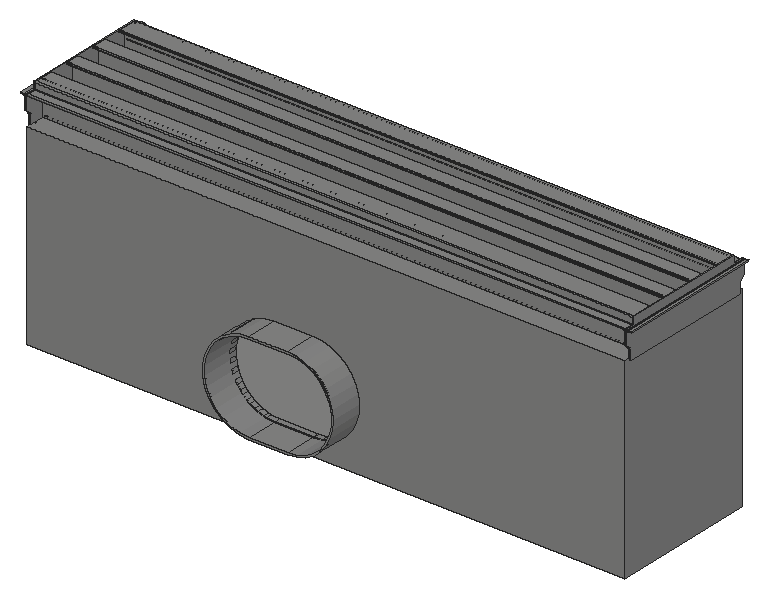
Revit family "Diffuser-Carnes-T_Bar_Mount-3-Slot-DHCB", category Duct Accessories, host Face, Revit 2014
Parameters (values of type "See Type Catalog")
  Supply Connector = yes
  Supply Connection = "Diffuser Supply Connector"  # constant formula
  Subcatagory = "Air Distribution"  # constant formula
  Specification Sheet = "http://www.carnes.com/AirDistribution/pdf/13102.pdf"
  Revit Object Download Link = "http://library.smartbim.com/download/Diffuser-Carnes-T_Bar_Mount-3-Slot-DHCB"
  Product Page URL = "http://www.carnes.com/AirDistribution/dhca.phtml"
  Length = 24"
  Inlet Nominal Size Width = 5"
  Inlet Nominal Size Height D = if(Inlet Nominal Size Width > 6", 5 1/4", 3 1/2")  # 3 1/2"
  Height = 9 1/16"  # constant formula
  Flow = 0 CFM
  Description = "Extruded Aluminum 3 Slot Diffuser 15/16In T-Bar Tegular Mount"  # constant formula
  Profile Depth = 5 47/64"
  URL = "http://www.carnes.com/"
  Model = "DHCB"  # constant formula
  Unit = Metal - Carnes - Steel Galvanized
  Manufacturer = "CARNES COMPANY"  # constant formula
  Depth = 2 3/4"
  Default Elevation = 0"
  D Depth = 5.75918"
  Catalog = "http://www.carnes.com/AirDistribution/pdf/a462-465.pdf"
  Box Length = Length - 1/2"  # 23 1/2"
  B Radius = Inlet Width + 3"  # 9 1/2"
  Inlet Width = 6 1/2"
  Assembly Code = ""
  Inlet Offset = 10 1/2"
  95 CSI = ""
  04 CSI = ""
Reference planes (in)
  plane 1 "Center (Front/Back)": y = 0
  plane 2: z = 0
  plane 3 "Center (Left/Right)": x = 0.94
  plane 4: z = -1.25
  plane 5: y = 2.86719
  plane 6: y = -2.86719
  plane 7: z = 1.44451
  plane 8: x = -11.06
  plane 9: x = 12.94
  plane 10: z = -8.05549
  plane 11: z = -9.0625
Forms (in)
  Extrusion 1, void
    sketch origin (0.94, 0, 0) x (0, 1, 0) y (0, 0, 1)
      loop
        line (-2.86719, 1.44451) -> (-2.86719, -8.05549) -> (2.85478, -8.05549) -> (2.89199, 1.44451) -> (-2.86719, 1.44451)
    from -12 to 12
Dimensions and locks (in)
  locked: plane 2 to plane 4 at 1.25
  equal spacing: plane 6, plane 1 "Center (Front/Back)", plane 5
  "Profile Depth": plane 6 to plane 5
  locked: plane 7 to host face at 1.44451
  equal spacing: plane 8, plane 3 "Center (Left/Right)", plane 9
  "Length": plane 8 to plane 9
  "D Depth": Extrusion 1 sketch curve to Extrusion 1 sketch curve
  plane 2 to plane 10 = 8.05549"
  "Height": plane 2 to plane 11
  equal spacing: host sketch curve, plane 1 "Center (Front/Back)", host sketch curve
  equal spacing: host sketch curve, plane 3 "Center (Left/Right)", host sketch curve
  aligned and locked: plane 2 to host face
  aligned and locked: level to host face
  aligned and locked: Extrusion 1 to plane 7
  aligned and locked: Extrusion 1 to plane 10
  aligned and locked: plane 9 to Extrusion 1
  aligned and locked: plane 8 to Extrusion 1
  aligned and locked: Extrusion 1 sketch curve to nested 1
  aligned and locked: plane 1 "Center (Front/Back)" to nested 2
  aligned and locked: plane 1 "Center (Front/Back)" to nested 1
  aligned and locked: nested 1 to plane 3 "Center (Left/Right)"
  aligned and locked: nested 2 to plane 3 "Center (Left/Right)"
Automatic sketch dimensions
  Extrusion 1 sketch curve to plane 10 = 0"
  plane 7 to Extrusion 1 sketch curve = 0"
  plane 5 to Extrusion 1 sketch curve = 0.0124"
Nested families (in)
  nested 1: "602-1101" at (1.88, 0, 0.04219) x (-1, 0, 0) z (0, 0, -1), type "Slot 3"
  nested 2: "CXPC" at (1.88, 0, 0.05188) x (-1, 0, 0) z (0, 0, -1), type "Parametric"
Connectors (in)
  hvac at (-0.31, -4.12959, -6.58911), driven by "Inlet Nominal Size Height D", driven by "Inlet Nominal Size Width", driven by "Supply Connector", driven by "Supply Connection"
    settings: on nested 2, index 1, duct flow 0 CFM, flow factor 0, pres drop 0.00 in-wg, loss coef 0, conn angle 0.00°, conn width 5", conn height 3 1/2", conn diameter 24", duct sys type 1, conn prof type 2, flow config 1, flow direction 1, loss method 0, conn ref index -1, conn util yes, is conn primary yes, conn desc "Diffuser Supply Connector"
Definition of nested family "602-1101"
  Parameters (values of type "Slot 3")
    Supply Connector = yes
    Supply Connection = ""
    Subcatagory = ""
    Specification Sheet = ""
    Product Page URL = ""
    Length = 24"
    URL = ""
    Model = "602-1091"  # constant formula
    Unit = Metal - Carnes - Steel Galvanized
    Manufacturer = ""
    Height = 1 57/128"  # constant formula
    Flow = 0 CFM
    Description = ""
    Depth = 5 47/64"  # constant formula
    Default Elevation = 0"
    Catalog = ""
    Assembly Code = ""
    95 CSI = ""
    04 CSI = ""
  Reference planes (in)
    plane 1 "Center (Front/Back)": y = 0
    plane 2: z = 0
    plane 3 "Center (Left/Right)": x = 0.94
    plane 4: z = -1.25
    plane 5: x = -11.06
    plane 6: x = 12.94
    plane 7: y = 2.86719
    plane 8: y = -2.86719
    plane 9: z = 1.44531
  Forms (in)
    Extrusion 1, solid
      sketch origin (0, 0, 0) x (1, 0, 0) y (0, 1, 0)
        loop
          line (-11.06, 2.86719) -> (-11.06, -2.86719) -> (12.94, -2.86719) -> (12.94, 2.86719) -> (-11.06, 2.86719)
      from 0 to -1
  Dimensions and locks (in)
    locked: plane 2 to plane 4 at 1.25
    equal spacing: plane 8, plane 1 "Center (Front/Back)", plane 7
    "Depth": plane 8 to plane 7
    equal spacing: plane 5, plane 3 "Center (Left/Right)", plane 6
    "Length": plane 5 to plane 6
    "Height": plane 9 to Extrusion 1
    aligned and locked: plane 2 to Extrusion 1
    aligned and locked: level to Extrusion 1
    aligned and locked: plane 7 to Extrusion 1 sketch curve
    aligned and locked: Extrusion 1 sketch curve to plane 8
    aligned and locked: Extrusion 1 sketch curve to plane 6
    aligned and locked: Extrusion 1 sketch curve to plane 5
  Nested families (in)
    nested 1: "602-1101-3Slot" at (-0.0019, 0, -0.00186) x (1, 0, -0.0002) z (0.0002, 0, 1), type "Standard"
  Definition of nested family "602-1101-3Slot"
    Parameters (values of type "Standard")
      Length = 24"
      URL = ""
      Model = "DARD"  # constant formula
      Unit = Metal - Carnes - Steel Galvanized
      Manufacturer = ""
      Height = 1 57/128"
      Depth = 5 47/64"
      Default Elevation = 0"
      Assembly Code = ""
      95 CSI = ""
      04 CSI = ""
    Reference planes (in)
      plane 1 "Center (Front/Back)": y = 0
      plane 2: z = 0
      plane 3 "Center (Left/Right)": x = 0.94
      plane 4: x = 12.94
      plane 5: x = -11.06
      plane 6: x = -10.84125
      plane 7: x = 12.72125
      plane 8: y = 2.86719
      plane 9: y = -2.86719
      plane 10: z = 1.44531
      plane 11: x = -10.80609
      plane 12: x = 12.68609
    Forms (in)
      Extrusion 1, solid
        sketch origin (0, -5, 0) x (1, 0, 0) y (0, 1, 0)
          loop
            line (-11.06, 7.86719) -> (-11.06, 2.13281) -> (12.94, 2.13281) -> (12.94, 7.86719) -> (-11.06, 7.86719)
        from 0 to -1
      Sweep 2, solid, material "Metal - Carnes - Steel Galvanized" <- "Unit"
        path origin (0, 0, 0) x (1, 0, 0) y (0, 0, 1)
          loop
            line (-10.80609, 0) -> (12.68609, 0)
        profile origin (0.94, 0, 0) x (0, 0, 1) y (0, -1, 0)
          loop
            arc (0, -2.41798) -> (0.00982, -2.44168) -> (0.03352, -2.4515) r 0.03352
            line (0.03352, -2.4515) -> (0.26692, -2.45154)
            arc (0.26692, -2.45154) -> (0.28218, -2.45787) -> (0.2885, -2.47313) r 0.02159
            line (0.2885, -2.47313) -> (0.2885, -2.80331)
            arc (0.2885, -2.80331) -> (0.3135, -2.82831) -> (0.3385, -2.80331) r 0.025
            line (0.3385, -2.80331) -> (0.3385, -2.42214)
            arc (0.3385, -2.42214) -> (0.33247, -2.40758) -> (0.31792, -2.40155) r 0.02058
            line (0.31792, -2.40155) -> (0.08017, -2.40151)
            arc (0.08017, -2.40151) -> (0.06561, -2.39548) -> (0.05958, -2.38091) r 0.0206
            line (0.05958, -2.38091) -> (0.05963, -2.08983)
            arc (0.05963, -2.08983) -> (0.06587, -2.07476) -> (0.08095, -2.06851) r 0.02132
            line (0.08095, -2.06851) -> (0.12164, -2.06851) -> (0.12164, -2.01851) -> (0.05971, -2.01851) -> (0.05971, -1.94951) -> (0.60565, -1.9496) -> (0.60565, -2.01579) -> (0.54364, -2.01579) -> (0.54364, -2.04655)
            arc (0.54364, -2.04655) -> (0.54989, -2.06165) -> (0.56499, -2.06791) r 0.02135
            line (0.56499, -2.06791) -> (0.63371, -2.06791)
            arc (0.63371, -2.06791) -> (0.64992, -2.06119) -> (0.65663, -2.04499) r 0.02292
            line (0.65663, -2.04499) -> (0.65663, -1.9706)
            arc (0.65663, -1.9706) -> (0.66278, -1.95576) -> (0.67762, -1.94962) r 0.02098
            line (0.67762, -1.94962) -> (1.42254, -1.94975)
            arc (1.42254, -1.94975) -> (1.43835, -1.9432) -> (1.44491, -1.92739) r 0.02236
            line (1.44491, -1.92739) -> (1.44493, -1.79691)
            arc (1.44493, -1.79691) -> (1.43873, -1.78195) -> (1.42377, -1.77575) r 0.02116
            line (1.42377, -1.77575) -> (1.32645, -1.77573)
            arc (1.32645, -1.77573) -> (1.31176, -1.78181) -> (1.30568, -1.7965) r 0.02077
            line (1.30568, -1.7965) -> (1.30567, -1.85173) -> (1.36767, -1.85174) -> (1.36766, -1.89974) -> (0.08966, -1.89951) -> (0.08966, -1.85152) -> (0.15149, -1.85152) -> (0.15149, -1.79603)
            arc (0.15149, -1.79603) -> (0.14542, -1.78138) -> (0.13076, -1.7753) r 0.02073
            line (0.13076, -1.7753) -> (0.07996, -1.7753)
            arc (0.07996, -1.7753) -> (0.06564, -1.76937) -> (0.05971, -1.75505) r 0.02025
            line (0.05971, -1.75505) -> (0.05971, -1.66344)
            arc (0.05971, -1.66344) -> (0.05396, -1.64956) -> (0.04008, -1.64382) r 0.01962
            line (0.04008, -1.64382) -> (0, -1.64382) -> (0, -2.41798)
          loop
            line (0, 2.44142) -> (0, 1.66725) -> (0.04008, 1.66725)
            arc (0.04008, 1.66725) -> (0.05396, 1.673) -> (0.05971, 1.68688) r 0.01962
            line (0.05971, 1.68688) -> (0.05971, 1.77849)
            arc (0.05971, 1.77849) -> (0.06564, 1.79281) -> (0.07996, 1.79874) r 0.02025
            line (0.07996, 1.79874) -> (0.13076, 1.79874)
            arc (0.13076, 1.79874) -> (0.14542, 1.80481) -> (0.15149, 1.81947) r 0.02073
            line (0.15149, 1.81947) -> (0.15149, 1.87496) -> (0.08966, 1.87496) -> (0.08966, 1.92295) -> (1.36766, 1.92318) -> (1.36767, 1.87518) -> (1.30567, 1.87517) -> (1.30568, 1.81993)
            arc (1.30568, 1.81993) -> (1.31176, 1.80525) -> (1.32645, 1.79917) r 0.02077
            line (1.32645, 1.79917) -> (1.42377, 1.79919)
            arc (1.42377, 1.79919) -> (1.43873, 1.80539) -> (1.44493, 1.82035) r 0.02116
            line (1.44493, 1.82035) -> (1.44491, 1.95083)
            arc (1.44491, 1.95083) -> (1.43835, 1.96664) -> (1.42254, 1.97319) r 0.02236
            line (1.42254, 1.97319) -> (0.67762, 1.97306)
            arc (0.67762, 1.97306) -> (0.66278, 1.9792) -> (0.65663, 1.99404) r 0.02098
            line (0.65663, 1.99404) -> (0.65663, 2.06843)
            arc (0.65663, 2.06843) -> (0.64992, 2.08463) -> (0.63371, 2.09134) r 0.02292
            line (0.63371, 2.09134) -> (0.56499, 2.09134)
            arc (0.56499, 2.09134) -> (0.54989, 2.08509) -> (0.54364, 2.06999) r 0.02135
            line (0.54364, 2.06999) -> (0.54364, 2.03922) -> (0.60565, 2.03922) -> (0.60565, 1.97304) -> (0.05971, 1.97295) -> (0.05971, 2.04195) -> (0.12164, 2.04195) -> (0.12164, 2.09195) -> (0.08095, 2.09195)
            arc (0.08095, 2.09195) -> (0.06587, 2.09819) -> (0.05963, 2.11327) r 0.02132
            line (0.05963, 2.11327) -> (0.05958, 2.40434)
            arc (0.05958, 2.40434) -> (0.06561, 2.41891) -> (0.08017, 2.42495) r 0.0206
            line (0.08017, 2.42495) -> (0.31792, 2.42499)
            arc (0.31792, 2.42499) -> (0.33247, 2.43102) -> (0.3385, 2.44557) r 0.02058
            line (0.3385, 2.44557) -> (0.3385, 2.82675)
            arc (0.3385, 2.82675) -> (0.3135, 2.85175) -> (0.2885, 2.82675) r 0.025
            line (0.2885, 2.82675) -> (0.2885, 2.49657)
            arc (0.2885, 2.49657) -> (0.28218, 2.48131) -> (0.26692, 2.47498) r 0.02159
            line (0.26692, 2.47498) -> (0.03352, 2.47494)
            arc (0.03352, 2.47494) -> (0.00982, 2.46512) -> (0, 2.44142) r 0.03352
          loop
            line (1.44493, 0.53129) -> (1.44493, 0.78129)
            arc (1.44493, 0.78129) -> (1.43873, 0.79625) -> (1.42377, 0.80245) r 0.02116
            line (1.42377, 0.80245) -> (1.32645, 0.80247)
            arc (1.32645, 0.80247) -> (1.31176, 0.79639) -> (1.30568, 0.7817) r 0.02077
            line (1.30568, 0.7817) -> (1.30567, 0.72647) -> (1.36767, 0.72646) -> (1.36766, 0.67846) -> (0.08966, 0.67869) -> (0.08966, 0.72668) -> (0.15149, 0.72668) -> (0.15149, 0.78217)
            arc (0.15149, 0.78217) -> (0.14542, 0.79682) -> (0.13076, 0.80289) r 0.02073
            line (0.13076, 0.80289) -> (0.07996, 0.80289)
            arc (0.07996, 0.80289) -> (0.06564, 0.80883) -> (0.05971, 0.82315) r 0.02025
            line (0.05971, 0.82315) -> (0.05971, 0.91476)
            arc (0.05971, 0.91476) -> (0.05396, 0.92864) -> (0.04008, 0.93438) r 0.01962
            line (0.04008, 0.93438) -> (0, 0.93438) -> (0, 0.37819) -> (0.04008, 0.37819)
            arc (0.04008, 0.37819) -> (0.05396, 0.38394) -> (0.05971, 0.39782) r 0.01962
            line (0.05971, 0.39782) -> (0.05971, 0.48943)
            arc (0.05971, 0.48943) -> (0.06564, 0.50375) -> (0.07996, 0.50968) r 0.02025
            line (0.07996, 0.50968) -> (0.13076, 0.50968)
            arc (0.13076, 0.50968) -> (0.14542, 0.51575) -> (0.15149, 0.53041) r 0.02073
            line (0.15149, 0.53041) -> (0.15149, 0.5859) -> (0.08966, 0.5859) -> (0.08966, 0.63389) -> (1.36766, 0.63411) -> (1.36767, 0.58611) -> (1.30567, 0.5861) -> (1.30568, 0.53087)
            arc (1.30568, 0.53087) -> (1.31176, 0.51619) -> (1.32645, 0.51011) r 0.02077
            line (1.32645, 0.51011) -> (1.42377, 0.51012)
            arc (1.42377, 0.51012) -> (1.43873, 0.51632) -> (1.44493, 0.53129) r 0.02116
          loop
            arc (1.44493, -0.50785) -> (1.43873, -0.49289) -> (1.42377, -0.48669) r 0.02116
            line (1.42377, -0.48669) -> (1.32645, -0.48667)
            arc (1.32645, -0.48667) -> (1.31176, -0.49275) -> (1.30568, -0.50743) r 0.02077
            line (1.30568, -0.50743) -> (1.30567, -0.56267) -> (1.36767, -0.56268) -> (1.36766, -0.61068) -> (0.08966, -0.61045) -> (0.08966, -0.56246) -> (0.15149, -0.56246) -> (0.15149, -0.50697)
            arc (0.15149, -0.50697) -> (0.14542, -0.49231) -> (0.13076, -0.48624) r 0.02073
            line (0.13076, -0.48624) -> (0.07996, -0.48624)
            arc (0.07996, -0.48624) -> (0.06564, -0.48031) -> (0.05971, -0.46599) r 0.02025
            line (0.05971, -0.46599) -> (0.05971, -0.37438)
            arc (0.05971, -0.37438) -> (0.05396, -0.3605) -> (0.04008, -0.35475) r 0.01962
            line (0.04008, -0.35475) -> (0, -0.35475) -> (0, -0.91095) -> (0.04008, -0.91095)
            arc (0.04008, -0.91095) -> (0.05396, -0.9052) -> (0.05971, -0.89132) r 0.01962
            line (0.05971, -0.89132) -> (0.05971, -0.79971)
            arc (0.05971, -0.79971) -> (0.06564, -0.78539) -> (0.07996, -0.77946) r 0.02025
            line (0.07996, -0.77946) -> (0.13076, -0.77946)
            arc (0.13076, -0.77946) -> (0.14542, -0.77339) -> (0.15149, -0.75873) r 0.02073
            line (0.15149, -0.75873) -> (0.15149, -0.70324) -> (0.08966, -0.70324) -> (0.08966, -0.65525) -> (1.36766, -0.65502) -> (1.36767, -0.70302) -> (1.30567, -0.70303) -> (1.30568, -0.75827)
            arc (1.30568, -0.75827) -> (1.31176, -0.77295) -> (1.32645, -0.77903) r 0.02077
            line (1.32645, -0.77903) -> (1.42377, -0.77901)
            arc (1.42377, -0.77901) -> (1.43873, -0.77281) -> (1.44493, -0.75785) r 0.02116
            line (1.44493, -0.75785) -> (1.44493, -0.50785)
      Sweep 3, solid, material "Metal - Carnes - Steel Galvanized" <- "Unit"
        path origin (0.94, 0, 0) x (0, 1, 0) y (0, 0, 1)
          loop
            line (2.86719, 1.44531) -> (-2.86719, 1.44531)
        profile origin (0.94, 0, 1.44531) x (0, 0, -1) y (1, 0, 0)
          loop
            line (1.08919, -11.78125) -> (0, -11.78125) -> (0, -11.81789) -> (1.08734, -11.81789)
            arc (1.08734, -11.81789) -> (1.1101, -11.82732) -> (1.11953, -11.85009) r 0.0322
            line (1.11953, -11.85009) -> (1.11953, -12) -> (1.15543, -12) -> (1.15543, -11.8475)
            arc (1.15543, -11.8475) -> (1.13603, -11.80065) -> (1.08919, -11.78125) r 0.06625
          loop
            arc (1.08919, 11.78125) -> (1.13603, 11.80065) -> (1.15543, 11.8475) r 0.06625
            line (1.15543, 11.8475) -> (1.15543, 12) -> (1.11953, 12) -> (1.11953, 11.85009)
            arc (1.11953, 11.85009) -> (1.1101, 11.82732) -> (1.08734, 11.81789) r 0.0322
            line (1.08734, 11.81789) -> (0, 11.81789) -> (0, 11.78125) -> (1.08919, 11.78125)
      Extrusion 4, void
        sketch origin (0.94, 0, 0) x (0, 1, 0) y (0, 0, 1)
          loop
            line (2.72305, 0.99566) -> (2.86719, 0.85147) -> (2.86719, 1.44531) -> (2.62305, 1.44531)
            arc (2.62305, 1.44531) -> (2.66322, 1.42867) -> (2.67986, 1.38849) r 0.05681
            line (2.67986, 1.38849) -> (2.67981, 1.10012)
            arc (2.67981, 1.10012) -> (2.69104, 1.04358) -> (2.72305, 0.99566) r 0.14772
          loop
            arc (-2.72305, 0.99566) -> (-2.69104, 1.04358) -> (-2.67981, 1.10012) r 0.14772
            line (-2.67981, 1.10012) -> (-2.67986, 1.38849)
            arc (-2.67986, 1.38849) -> (-2.66322, 1.42867) -> (-2.62305, 1.44531) r 0.05681
            line (-2.62305, 1.44531) -> (-2.86719, 1.44531) -> (-2.86719, 0.85147) -> (-2.72305, 0.99566)
        from -12 to 12
      Sweep 5, solid, material "Metal - Carnes - Steel Galvanized" <- "Unit"
        path origin (0, 0, 0) x (1, 0, 0) y (0, 0, 1)
          loop
            line (12.72125, 0.85147) -> (12.68609, 0.85147)
        profile origin (12.70367, 0, 0.85147) x (0, 0, -1) y (0, -1, 0)
          loop
            line (-0.59384, -2.86719) -> (0.56159, -2.86719) -> (0.56297, -2.47313)
            arc (0.56297, -2.47313) -> (0.56929, -2.45787) -> (0.58455, -2.45154) r 0.02159
            line (0.58455, -2.45154) -> (0.81795, -2.4515)
            arc (0.81795, -2.4515) -> (0.84165, -2.44168) -> (0.85147, -2.41798) r 0.03352
            line (0.85147, -2.41798) -> (0.85147, 2.44142)
            arc (0.85147, 2.44142) -> (0.84165, 2.46512) -> (0.81795, 2.47494) r 0.03352
            line (0.81795, 2.47494) -> (0.58455, 2.47498)
            arc (0.58455, 2.47498) -> (0.56929, 2.48131) -> (0.56297, 2.49657) r 0.02159
            line (0.56297, 2.49657) -> (0.56297, 2.86719) -> (-0.59384, 2.86719) -> (-0.59384, -2.86719)
      Sweep 6, solid, material "Metal - Carnes - Steel Galvanized" <- "Unit"
        path origin (0, 0, 0) x (1, 0, 0) y (0, 0, 1)
          loop
            line (-10.84125, 0.85147) -> (-10.80609, 0.85147)
        profile origin (-10.82367, 0, 0.85147) x (0, 0, 1) y (0, -1, 0)
          loop
            line (0.59384, 2.86719) -> (-0.56297, 2.86719) -> (-0.56297, 2.49657)
            arc (-0.56297, 2.49657) -> (-0.56929, 2.48131) -> (-0.58455, 2.47498) r 0.02159
            line (-0.58455, 2.47498) -> (-0.81795, 2.47494)
            arc (-0.81795, 2.47494) -> (-0.84165, 2.46512) -> (-0.85147, 2.44142) r 0.03352
            line (-0.85147, 2.44142) -> (-0.85147, -2.41798)
            arc (-0.85147, -2.41798) -> (-0.84165, -2.44168) -> (-0.81795, -2.4515) r 0.03352
            line (-0.81795, -2.4515) -> (-0.58455, -2.45154)
            arc (-0.58455, -2.45154) -> (-0.56929, -2.45787) -> (-0.56297, -2.47313) r 0.02159
            line (-0.56297, -2.47313) -> (-0.56297, -2.86719) -> (0.59384, -2.86719) -> (0.59384, 2.86719)
    Cuts and joins
      Extrusion 4 cuts Sweep 3
      Extrusion 4 cuts Sweep 5
      Extrusion 4 cuts Sweep 6
    Lines and regions (in)
      Masking region 1
        outline origin (0, 0, 0) x (1, 0, 0) y (0, 1, 0)
          loop
            line (-10.84125, 2.86719) -> (-11.06, 2.86719) -> (-11.06, -2.86719) -> (-10.84125, -2.86719) -> (-10.84125, -2.82749) -> (12.72125, -2.82749) -> (12.72125, -2.86719) -> (12.94, -2.86719) -> (12.94, 2.86719) -> (12.72125, 2.86719) -> (12.72125, 2.82749) -> (-10.84125, 2.82749) -> (-10.84125, 2.86719)
      symbolic lines, style "Diffuser"
        curve 1: line (-10.87789, 2.86719, 0) -> (-10.87789, -2.86719, 0)
        curve 2: line (-10.84125, -2.85093, 0) -> (-10.84125, 2.82749, 0)
        curve 3: line (12.72125, -1.66643, 0) -> (-10.84125, -1.66643, 0)
        curve 4: line (12.75789, -2.86719, 0) -> (12.75789, 2.86719, 0)
        curve 5: line (12.72125, -2.85093, 0) -> (12.72125, 2.82749, 0)
        curve 6: line (12.72125, 1.66725, 0) -> (-10.84125, 1.66725, 0)
        curve 7: line (12.72125, 0.91095, 0) -> (-10.84125, 0.91095, 0)
        curve 8: line (-10.84125, 0.35475, 0) -> (12.72125, 0.35475, 0)
        curve 9: line (-10.84125, -0.93356, 0) -> (12.72125, -0.93356, 0)
        curve 10: line (-10.84125, -0.37737, 0) -> (12.72125, -0.37737, 0)
    Dimensions and locks (in)
      locked: plane 6 to plane 5 at 0.21875
      locked: plane 4 to plane 7 at 0.21875
      equal spacing: plane 4, plane 3 "Center (Left/Right)", plane 5
      "Length": plane 4 to plane 5
      equal spacing: plane 8, plane 1 "Center (Front/Back)", plane 9
      "Depth": plane 9 to plane 8
      "Height": plane 10 to Extrusion 1
      locked: Sweep 5 sketch curve to Sweep 5 sketch curve at 0.03516
      locked: plane 7 to plane 12 at 0.03516
      locked: Sweep 6 sketch curve to Sweep 6 sketch curve at 0.03516
      locked: plane 6 to plane 11 at 0.03516
      aligned and locked: plane 2 to Extrusion 1
      aligned and locked: level to Extrusion 1
      aligned and locked: Sweep 3 sketch curve to plane 6
      aligned and locked: plane 7 to Sweep 3 sketch curve
      aligned and locked: Extrusion 4 to plane 4
      aligned and locked: Extrusion 4 to plane 5
      aligned and locked: plane 11 to Sweep 2 sketch curve
      aligned and locked: plane 12 to Sweep 2 sketch curve
      aligned and locked: plane 7 to Sweep 5 sketch curve
      aligned and locked: plane 6 to Sweep 6 sketch curve
      aligned and locked: Extrusion 1 sketch curve to plane 9
      aligned and locked: plane 5 to Extrusion 1 sketch curve
      aligned and locked: Extrusion 1 sketch curve to plane 8
      aligned and locked: plane 4 to Extrusion 1 sketch curve
    Automatic sketch dimensions
      Sweep 2 sketch curve to level = 0"
      profile plane to Sweep 2 sketch curve = 0"  (x4)
      Sweep 2 sketch curve to profile plane = 0.03352"  (x3)
      Sweep 2 sketch curve to Sweep 2 sketch curve = 0.03352"
      Sweep 2 sketch curve to Sweep 2 sketch curve = 0.04008"  (x5)
      Sweep 2 sketch curve to profile plane = 0.04008"
      Sweep 2 sketch curve to Sweep 2 sketch curve = 0.02605"  (x2)
      Sweep 2 sketch curve to profile plane = 0.05963"  (x2)
      Sweep 2 sketch curve to profile plane = 0.05971"  (x7)
      Sweep 2 sketch curve to Sweep 2 sketch curve = 0.01962"
      Sweep 2 sketch curve to Sweep 2 sketch curve = 0.02025"  (x6)
      Sweep 2 sketch curve to Sweep 2 sketch curve = 0.0206"  (x2)
      Sweep 2 sketch curve to Sweep 2 sketch curve = 0"  (x44)
      Sweep 2 sketch curve to Sweep 2 sketch curve = 0.02132"  (x4)
      Sweep 2 sketch curve to profile plane = 0.08966"  (x2)
      Sweep 2 sketch curve to Sweep 2 sketch curve = 0.0097"
      Sweep 2 sketch curve to Sweep 2 sketch curve = 0.02995"  (x2)
      Sweep 2 sketch curve to Sweep 2 sketch curve = 0.04069"
      Sweep 2 sketch curve to Sweep 2 sketch curve = 0.06193"
      Sweep 2 sketch curve to Sweep 2 sketch curve = 0.0508"  (x6)
      Sweep 2 sketch curve to Sweep 2 sketch curve = 0.02073"  (x6)
      Sweep 2 sketch curve to Sweep 2 sketch curve = 0.18674"  (x2)
      Sweep 2 sketch curve to Sweep 2 sketch curve = 0.02159"
      Sweep 2 sketch curve to profile plane = 0.2885"
      Sweep 2 sketch curve to Sweep 2 sketch curve = 0.025"  (x2)
      Sweep 2 sketch curve to Sweep 2 sketch curve = 0.02058"  (x2)
      Sweep 2 sketch curve to Sweep 2 sketch curve = 0.422"  (x2)
      Sweep 2 sketch curve to Sweep 2 sketch curve = 0.02135"  (x2)
      Sweep 2 sketch curve to Sweep 2 sketch curve = 0.06201"  (x2)
      Sweep 2 sketch curve to Sweep 2 sketch curve = 0.02806"  (x2)
      Sweep 2 sketch curve to Sweep 2 sketch curve = 0.02292"  (x2)
      Sweep 2 sketch curve to Sweep 2 sketch curve = 0.02098"  (x2)
      Sweep 2 sketch curve to Sweep 2 sketch curve = 0.62805"  (x2)
      Sweep 2 sketch curve to Sweep 2 sketch curve = 1.15418"  (x2)
      plane 1 "Center (Front/Back)" to Sweep 2 sketch curve = 0.53087"
      plane 1 "Center (Front/Back)" to Sweep 2 sketch curve = 0.7817"
      Sweep 2 sketch curve to plane 1 "Center (Front/Back)" = 0.50743"
      Sweep 2 sketch curve to plane 1 "Center (Front/Back)" = 0.75827"
      Sweep 2 sketch curve to Sweep 2 sketch curve = 0.02077"  (x6)
      Sweep 2 sketch curve to plane 1 "Center (Front/Back)" = 0.48667"
      plane 1 "Center (Front/Back)" to Sweep 2 sketch curve = 0.51011"
      plane 1 "Center (Front/Back)" to Sweep 2 sketch curve = 0.63411"
      Sweep 2 sketch curve to Sweep 2 sketch curve = 0.06199"  (x4)
      plane 1 "Center (Front/Back)" to Sweep 2 sketch curve = 0.67846"
      Sweep 2 sketch curve to plane 1 "Center (Front/Back)" = 0.65502"
      Sweep 2 sketch curve to plane 1 "Center (Front/Back)" = 0.61068"
      Sweep 2 sketch curve to plane 1 "Center (Front/Back)" = 0.56268"
      plane 1 "Center (Front/Back)" to Sweep 2 sketch curve = 0.58611"
      Sweep 2 sketch curve to plane 1 "Center (Front/Back)" = 0.70302"
      plane 1 "Center (Front/Back)" to Sweep 2 sketch curve = 0.72646"
      Sweep 2 sketch curve to Sweep 2 sketch curve = 0.05488"  (x2)
      Sweep 2 sketch curve to Sweep 2 sketch curve = 0.0561"  (x6)
      plane 1 "Center (Front/Back)" to Sweep 2 sketch curve = 0.51012"
      Sweep 2 sketch curve to plane 1 "Center (Front/Back)" = 0.77901"
      plane 1 "Center (Front/Back)" to Sweep 2 sketch curve = 0.80245"
      Sweep 2 sketch curve to plane 1 "Center (Front/Back)" = 0.48669"
      Sweep 2 sketch curve to Sweep 2 sketch curve = 0.02236"  (x2)
      Sweep 2 sketch curve to Sweep 2 sketch curve = 0.02116"  (x6)
      Sweep 2 sketch curve to Sweep 2 sketch curve = 0.02076"  (x3)
      Sweep 2 sketch curve to Sweep 2 sketch curve = 0.12421"
      Sweep 2 sketch curve to Sweep 2 sketch curve = 0.09161"  (x6)
      Sweep 2 sketch curve to Sweep 2 sketch curve = 0.73287"  (x2)
      Sweep 2 sketch curve to Sweep 2 sketch curve = 0.9967"  (x2)
      Sweep 2 sketch curve to Sweep 2 sketch curve = 0.05549"  (x5)
      Sweep 2 sketch curve to Sweep 2 sketch curve = 0.05523"  (x2)
      Sweep 2 sketch curve to Sweep 2 sketch curve = 0.02765"  (x2)
      Sweep 2 sketch curve to Sweep 2 sketch curve = 0.04999"  (x2)
      Sweep 2 sketch curve to Sweep 2 sketch curve = 0.09808"  (x2)
      Sweep 2 sketch curve to Sweep 2 sketch curve = 0.06618"  (x2)
      Sweep 2 sketch curve to Sweep 2 sketch curve = 0.069"  (x2)
      Sweep 2 sketch curve to Sweep 2 sketch curve = 0.0292"  (x2)
      Sweep 2 sketch curve to Sweep 2 sketch curve = 0.05"  (x2)
      Sweep 2 sketch curve to Sweep 2 sketch curve = 0.29108"  (x2)
      Sweep 2 sketch curve to Sweep 2 sketch curve = 0.00004"  (x2)
      Sweep 2 sketch curve to Sweep 2 sketch curve = 0.03707"  (x2)
      Sweep 2 sketch curve to Sweep 2 sketch curve = 0.02941"  (x2)
      Sweep 2 sketch curve to Sweep 2 sketch curve = 0.33018"  (x2)
      Sweep 2 sketch curve to Sweep 2 sketch curve = 0.04799"  (x3)
      Sweep 2 sketch curve to Sweep 2 sketch curve = 0.2557"
      Sweep 3 sketch curve to plane 9 = 0"
      Sweep 3 sketch curve to plane 8 = 0"
      plane 10 to Sweep 3 sketch curve = 0"
      Sweep 3 sketch curve to profile plane = 0"  (x2)
      Sweep 3 sketch curve to Sweep 3 sketch curve = 1.08734"  (x2)
      Sweep 3 sketch curve to Sweep 3 sketch curve = 0.00185"  (x2)
      Sweep 3 sketch curve to Sweep 3 sketch curve = 0.0322"
      Sweep 3 sketch curve to Sweep 3 sketch curve = 0.03035"
      Sweep 3 sketch curve to Sweep 3 sketch curve = 0.0359"  (x2)
      Sweep 3 sketch curve to Sweep 3 sketch curve = 0.00259"
      Sweep 3 sketch curve to Sweep 3 sketch curve = 0.1525"
      Sweep 3 sketch curve to Sweep 3 sketch curve = 0.03664"
      Sweep 3 sketch curve to Sweep 3 sketch curve = 0.14991"
      Extrusion 4 sketch curve to plane 9 = 0"
      plane 10 to Extrusion 4 sketch curve = 0"  (x2)
      Extrusion 4 sketch curve to plane 8 = 0"
      Extrusion 4 sketch curve to plane 9 = 0.03966"
      Extrusion 4 sketch curve to plane 9 = 0.14413"
      plane 10 to Extrusion 4 sketch curve = 0.05682"  (x2)
      Extrusion 4 sketch curve to plane 9 = 0.18733"
      Extrusion 4 sketch curve to Extrusion 4 sketch curve = 0.04325"  (x2)
      Extrusion 4 sketch curve to Extrusion 4 sketch curve = 0.05681"
      plane 10 to Extrusion 4 sketch curve = 0.05681"
      Extrusion 4 sketch curve to plane 8 = 0.24414"
      Extrusion 4 sketch curve to plane 8 = 0.18738"
      Extrusion 4 sketch curve to plane 8 = 0.03966"
      Extrusion 4 sketch curve to Extrusion 4 sketch curve = 0.28838"  (x2)
      Extrusion 4 sketch curve to Extrusion 4 sketch curve = 0.00003"  (x2)
      Extrusion 4 sketch curve to Extrusion 4 sketch curve = 0.14418"  (x2)
      plane 10 to Sweep 5 sketch curve = 0.59384"
      Sweep 5 sketch curve to profile plane = 0.56297"
      Sweep 5 sketch curve to Sweep 5 sketch curve = 0.02159"  (x2)
      plane 1 "Center (Front/Back)" to Sweep 5 sketch curve = 2.49657"
      profile plane to Sweep 5 sketch curve = 0.59384"
      Sweep 5 sketch curve to Sweep 5 sketch curve = 0"  (x5)
      Sweep 5 sketch curve to Sweep 5 sketch curve = 0.37062"
      Sweep 5 sketch curve to Sweep 5 sketch curve = 0.2334"  (x2)
      Sweep 5 sketch curve to Sweep 5 sketch curve = 0.00004"  (x2)
      Sweep 5 sketch curve to Sweep 5 sketch curve = 0.03352"  (x2)
      Sweep 5 sketch curve to Sweep 5 sketch curve = 115/256"
      Sweep 5 sketch curve to plane 1 "Center (Front/Back)" = 2.47313"
      Sweep 5 sketch curve to Sweep 5 sketch curve = 0.00138"
      plane 10 to Sweep 6 sketch curve = 0.59384"
      profile plane to Sweep 6 sketch curve = 0.58456"
      Sweep 6 sketch curve to Sweep 6 sketch curve = 0"  (x4)
      plane 1 "Center (Front/Back)" to Sweep 6 sketch curve = 2.47498"
      Sweep 6 sketch curve to Sweep 6 sketch curve = 0.02159"  (x2)
      Sweep 6 sketch curve to Sweep 6 sketch curve = 0.2334"  (x2)
      Sweep 6 sketch curve to profile plane = 0.59384"
      Sweep 6 sketch curve to Sweep 6 sketch curve = 0.00004"  (x2)
      Sweep 6 sketch curve to Sweep 6 sketch curve = 0.37062"
      Sweep 6 sketch curve to Sweep 6 sketch curve = 0.03352"  (x2)
      Sweep 6 sketch curve to plane 1 "Center (Front/Back)" = 2 107/256"
      Sweep 6 sketch curve to Sweep 6 sketch curve = 0.39406"
      plane 9 to curve 1 = 0"
      curve 1 to plane 8 = 0"
      curve 2 to plane 6 = 0"
      curve 8 to plane 7 = 0"
      plane 9 to curve 4 = 0"
      curve 4 to plane 8 = 0"
      plane 6 to curve 1 = 0.03664"
      plane 7 to curve 4 = 0.03664"
      curve 2 to plane 9 = 0.01626"
      curve 5 to plane 9 = 0.01626"
      curve 3 to curve 9 = 0.73287"
      plane 1 "Center (Front/Back)" to curve 10 = 0.37737"
      curve 8 to plane 1 "Center (Front/Back)" = 0.35475"
      curve 8 to curve 7 = 0.55619"
      curve 7 to curve 6 = 0.75631"
      curve 2 to plane 8 = 0.0397"
      curve 5 to plane 8 = 0.0397"
      Masking region 1 sketch curve to plane 5 = 0"
      Masking region 1 sketch curve to plane 6 = 0"  (x2)
      Masking region 1 sketch curve to plane 7 = 0"  (x2)
      Masking region 1 sketch curve to plane 4 = 0"
      plane 9 to Masking region 1 sketch curve = 0"  (x2)
      Masking region 1 sketch curve to plane 8 = 0"  (x2)
      Masking region 1 sketch curve to plane 9 = 0.0397"
      Masking region 1 sketch curve to Masking region 1 sketch curve = 0.0397"
      curve 5 to curve 3 = 1.18449"
Definition of nested family "CXPC"
  Parameters (values of type "Parametric")
    Slot Width = 4 19/128"
    Inlet Nominal Size Width = 5"
    Inlet Nominal Size Height D = if(Inlet Nominal Size Width > 6", 5 1/4", 3 1/2")  # 3 1/2"
    Half Inlet Width = Inlet Nominal Size Width / 2  # 2 1/2"
    Length = 23 1/2"
    Depth = 5.75918"
    Height = 9 1/16"  # constant formula
    URL = "http://www.carnes.com/"
    Model = "DGAA"  # constant formula
    Unit = Metal - Carnes - Steel Galvanized
    Manufacturer = ""
    Default Elevation = 0"
    B Radius = B + 3"  # 9 1/2"
    B = 6 1/2"
    Assembly Code = ""
    A = 10 1/2"
    95 CSI = ""
    04 CSI = ""
  Reference planes (in)
    plane 1 "Center (Front/Back)": y = 0
    plane 2: z = 0
    plane 3 "Center (Left/Right)": x = 0.94
    plane 4: x = -10.81
    plane 5: x = 12.69
    plane 6: z = 9.0625
    plane 7: z = 8.5625
    plane 8: z = 6.5
    plane 9: x = -10.7475
    plane 10: x = 12.6275
    plane 11: z = -18
    plane 12: y = 2.87959
    plane 13: y = 2.62959
    plane 14: y = -2.87959
    plane 15: y = -2.62959
    plane 16: y = -4.12959
    plane 17: x = 2.19
    plane 18: z = 0.84375
    plane 19: y = -2.07422
    plane 20: y = 2.07422
    plane 21: z = 8.39099
    plane 22: z = 4.89099
  Forms (in)
    Extrusion 1, solid
      sketch origin (0, 0, 0) x (1, 0, 0) y (0, 1, 0)
        loop
          line (-13.81, 8.66667) -> (-13.81, -8.66667) -> (15.69, -8.66667) -> (15.69, 8.66667) -> (-13.81, 8.66667)
      from 0 to -1
    Extrusion 2, solid, material "Metal - Carnes - Steel Galvanized" <- "Unit"
      sketch origin (0, 0, 0) x (1, 0, 0) y (0, 0, 1)
        loop
          line (-10.81, 9.0625) -> (-10.81, 8.5625) -> (12.69, 8.5625) -> (12.69, 9.0625) -> (-10.81, 9.0625)
      from -2.62959 to 2.62959
    Extrusion 3, solid, material "Metal - Carnes - Steel Galvanized" <- "Unit"
      sketch origin (0, 0, 0) x (1, 0, 0) y (0, 1, 0)
        loop
          line (-10.81, 2.87959) -> (-10.81, 2.62959) -> (12.69, 2.62959) -> (12.69, 2.87959) -> (-10.81, 2.87959)
        loop
          line (-10.81, -2.62959) -> (-10.81, -2.87959) -> (12.69, -2.87959) -> (12.69, -2.62959) -> (-10.81, -2.62959)
      from 1.4375 to 9.0625
    Sweep 4, solid, material "Metal - Carnes - Steel Galvanized" <- "Unit"
      path in 3D
        loop
          line (-10.81, -2.62959, 1.4375) -> (12.69, -2.62959, 1.4375)
      profile origin (0.94, -2.62959, 1.4375) x (0, -1, 0) y (0, 0, -1)
        loop
          line (-4.70381, 0) -> (-4.70381, 0.89784)
          arc (-4.70381, 0.89784) -> (-4.6731, 0.92855) -> (-4.64239, 0.89784) r 0.03071
          line (-4.64239, 0.89784) -> (-4.64239, 0.83461) -> (-4.61114, 0.83461) -> (-4.61114, 0.89765)
          arc (-4.61114, 0.89765) -> (-4.67311, 0.95963) -> (-4.73509, 0.89765) r 0.06198
          line (-4.73509, 0.89765) -> (-4.73509, 0.03125) -> (-5.50918, 0.03125) -> (-5.50918, 0) -> (-4.70381, 0)
        loop
          line (-0.55537, 0) -> (0.25, 0) -> (0.25, 0.03125) -> (-0.52409, 0.03125) -> (-0.52409, 0.89765)
          arc (-0.52409, 0.89765) -> (-0.58607, 0.95963) -> (-0.64804, 0.89765) r 0.06198
          line (-0.64804, 0.89765) -> (-0.64804, 0.83461) -> (-0.61679, 0.83461) -> (-0.61679, 0.89784)
          arc (-0.61679, 0.89784) -> (-0.58608, 0.92855) -> (-0.55537, 0.89784) r 0.03071
          line (-0.55537, 0.89784) -> (-0.55537, 0)
    Extrusion 5, solid, material "Metal - Carnes - Steel Galvanized" <- "Unit"
      sketch origin (12.69, 0, 9.0625) x (0, 0, -1) y (0, 1, 0)
        loop
          line (0, -2.87959) -> (7.625, -2.87959) -> (7.625, 2.87959) -> (0, 2.87959) -> (0, -2.87959)
      from -0.0625 to 0
    Extrusion 6, solid, material "Metal - Carnes - Steel Galvanized" <- "Unit"
      sketch origin (-10.81, 0, 9.0625) x (0, 0, -1) y (0, -1, 0)
        loop
          line (0, 2.87959) -> (0, -2.87959) -> (7.625, -2.87959) -> (7.625, 2.87959) -> (0, 2.87959)
      from -0.0625 to 0
    Extrusion 7, void
      sketch origin (0, 0, 0) x (1, 0, 0) y (0, 0, 1)
        loop
          arc (1.44, 8.39099) -> (-0.31, 6.64099) -> (1.44, 4.89099) r 1.75
          line (1.44, 4.89099) -> (2.94, 4.89099)
          arc (2.94, 4.89099) -> (4.69, 6.64099) -> (2.94, 8.39099) r 1.75
          line (2.94, 8.39099) -> (1.44, 8.39099)
      from 2.87959 to 1.34378
    Extrusion 8, solid, material "Metal - Carnes - Steel Galvanized" <- "Unit"
      sketch origin (-11.06, -0.875, 0) x (1, 0, 0) y (0, 0, 1)
        loop
          arc (12.5, 8.39099) -> (10.75, 6.64099) -> (12.5, 4.89099) r 1.75
          line (12.5, 4.89099) -> (14, 4.89099)
          arc (14, 4.89099) -> (15.75, 6.64099) -> (14, 8.39099) r 1.75
          line (14, 8.39099) -> (12.5, 8.39099)
        loop
          arc (12.5, 8.45349) -> (10.6875, 6.64099) -> (12.5, 4.82849) r 1.8125
          line (12.5, 4.82849) -> (14, 4.82849)
          arc (14, 4.82849) -> (15.8125, 6.64099) -> (14, 8.45349) r 1.8125
          line (14, 8.45349) -> (12.5, 8.45349)
      from 1.75459 to 3.25459
  Cuts and joins
    Extrusion 7 cuts Extrusion 2
    Extrusion 7 cuts Extrusion 3
    Extrusion 7 cuts Sweep 4
    Extrusion 7 cuts Extrusion 5
    Extrusion 7 cuts Extrusion 6
    joined: Extrusion 2, Extrusion 3, Sweep 4, Extrusion 5, Extrusion 6
  Lines and regions (in)
    Masking region 1
      outline origin (0, 0, 0) x (1, 0, 0) y (0, 1, 0)
        loop
          line (-0.31, -4.12959) -> (4.69, -4.12959) -> (4.69, -2.87959) -> (-0.31, -2.87959) -> (-0.31, -4.12959)
    sketch lines
      curve 1: line (-10.81, -2.62959, 1.4375) -> (12.69, -2.62959, 1.4375)
    symbolic lines, style "Diffuser"
      curve 2: line (-10.81, 2.87959, 0) -> (12.69, 2.87959, 0)
      curve 3: line (-10.81, -2.87959, 0) -> (-10.81, 2.87959, 0)
      curve 4: line (12.69, -2.87959, 0) -> (-10.81, -2.87959, 0)
      curve 5: line (12.69, 2.87959, 0) -> (12.69, -2.87959, 0)
  Dimensions and locks (in)
    equal spacing: plane 4, plane 3 "Center (Left/Right)", plane 5
    "Length": plane 4 to plane 5
    "Height": plane 6 to plane 2
    locked: plane 6 to plane 7 at 0.5
    level to plane 11 = 18"
    plane 6 to Extrusion 1 = 9 1/16"
    plane 8 to Extrusion 1 = 6 1/2"
    locked: plane 16 to plane 14 at 1.25
    "Depth": plane 12 to plane 14
    locked: plane 15 to plane 14 at 0.25
    locked: plane 12 to plane 13 at 0.25
    equal spacing: plane 12, plane 1 "Center (Front/Back)", plane 14
    locked: plane 10 to plane 5 at 0.0625
    locked: plane 9 to plane 4 at 0.0625
    "B": plane 8 to plane 2
    "A": plane 17 to plane 5
    locked: plane 18 to plane 2 at 0.84375
    Sweep 4 sketch curve to plane 18 to Sweep 4 sketch curve to Sweep 4 sketch curve to Sweep 4 sketch curve = 9/16" locked, 0.24086" locked, 0.09394" locked, 0.03107" locked  (x2)
    Sweep 4 sketch curve to Sweep 4 sketch curve to plane 19 to Sweep 4 sketch curve = 1/32" locked, 0.06142" locked, 0.03128" locked
    Sweep 4 sketch curve to plane 20 to Sweep 4 sketch curve to Sweep 4 sketch curve = 0.03128" locked, 0.06142" locked, 1/32" locked
    equal spacing: plane 20, plane 1 "Center (Front/Back)", plane 19
    "Slot Width": plane 20 to plane 19
    "Half Inlet Width": plane 17 to Extrusion 8 sketch curve
    "Half Inlet Width": Extrusion 8 sketch curve to plane 17
    "Inlet Nominal Size Height D": plane 21 to plane 22
    equal spacing: Extrusion 1 sketch curve, plane 3 "Center (Left/Right)", Extrusion 1 sketch curve
    equal spacing: Extrusion 1 sketch curve, plane 1 "Center (Front/Back)", Extrusion 1 sketch curve
    equal spacing: Masking region 1 sketch curve, plane 17, Masking region 1 sketch curve
    "Inlet Nominal Size Width": Masking region 1 sketch curve to Masking region 1 sketch curve
    aligned and locked: plane 2 to Extrusion 1
    aligned and locked: level to Extrusion 1
    aligned and locked: Extrusion 2 sketch curve to plane 6
    aligned and locked: Extrusion 2 sketch curve to plane 7
    aligned and locked: Extrusion 2 sketch curve to plane 4
    aligned and locked: plane 5 to Extrusion 2 sketch curve
    aligned and locked: Extrusion 3 sketch curve to plane 12
    aligned and locked: Extrusion 3 sketch curve to plane 13
    aligned and locked: plane 15 to Extrusion 3 sketch curve
    aligned and locked: plane 14 to Extrusion 3 sketch curve
    aligned and locked: Extrusion 3 sketch curve to plane 4
    aligned and locked: plane 5 to Extrusion 3 sketch curve
    aligned and locked: plane 6 to Extrusion 3
    aligned and locked: Extrusion 2 to Extrusion 3  (x2)
    aligned and locked: plane 10 to Extrusion 5
    aligned and locked: Extrusion 5 to plane 5
    aligned and locked: Extrusion 6 sketch curve to cut or joined group of Extrusion 2, Extrusion 3, Sweep 4, Extrusion 5, Extrusion 6, Extrusion 7  (x2)
    aligned and locked: cut or joined group of Extrusion 2, Extrusion 3, Sweep 4, Extrusion 5, Extrusion 6, Extrusion 7 to Extrusion 6 sketch curve
    aligned and locked: plane 9 to Extrusion 6
    aligned and locked: Extrusion 6 to plane 4
    aligned and locked: plane 5 to cut or joined group of Extrusion 2, Extrusion 3, Sweep 4, Extrusion 5, Extrusion 6, Extrusion 7
    aligned and locked: Extrusion 7 to plane 14
    aligned and locked: Extrusion 6 to Extrusion 3
    aligned and locked: cut or joined group of Extrusion 2, Extrusion 3, Sweep 4, Extrusion 5, Extrusion 6, Extrusion 7 to cut or joined group of Extrusion 2, Extrusion 3, Sweep 4, Extrusion 5, Extrusion 6, Extrusion 7
    aligned and locked: plane 12 to Sweep 4 sketch curve
    aligned and locked: Sweep 4 sketch curve to plane 14
    aligned and locked: plane 19 to Sweep 4 sketch curve
    aligned and locked: Sweep 4 sketch curve to plane 20
    aligned and locked: Extrusion 8 to plane 16
    aligned and locked: cut or joined group of Extrusion 2, Extrusion 3, Sweep 4, Extrusion 5, Extrusion 6, Extrusion 7 to Extrusion 8
    aligned and locked: Extrusion 7 sketch curve to Extrusion 8  (x2)
    aligned and locked: Extrusion 8 sketch curve to plane 21
    aligned and locked: plane 22 to Extrusion 8 sketch curve
    aligned and locked: curve 2 to cut or joined group of Extrusion 2, Extrusion 3, Sweep 4, Extrusion 5, Extrusion 6, Extrusion 7
    aligned and locked: curve 3 to cut or joined group of Extrusion 2, Extrusion 3, Sweep 4, Extrusion 5, Extrusion 6, Extrusion 7
    aligned and locked: curve 4 to cut or joined group of Extrusion 2, Extrusion 3, Sweep 4, Extrusion 5, Extrusion 6, Extrusion 7
    aligned and locked: curve 5 to cut or joined group of Extrusion 2, Extrusion 3, Sweep 4, Extrusion 5, Extrusion 6, Extrusion 7
  Automatic sketch dimensions
    Extrusion 3 sketch curve to plane 4 = 0"
    Extrusion 3 sketch curve to plane 5 = 0"
    Extrusion 2 to Extrusion 5 sketch curve = 0"
    Extrusion 5 sketch curve to Extrusion 2 = 1/4"  (x2)
    Extrusion 5 sketch curve to Extrusion 2 = 7 1/8"
    Extrusion 2 to Extrusion 6 sketch curve = 7 1/8"
    profile plane to Sweep 4 sketch curve = 0"  (x2)
    Extrusion 8 sketch curve to Extrusion 8 sketch curve = 0"  (x3)
    Extrusion 8 sketch curve to Extrusion 8 sketch curve = 1/16"
    Masking region 1 sketch curve to plane 16 = 0"
    plane 14 to Masking region 1 sketch curve = 0"
Types in the file's own list only (36): name | Length | Inlet Nominal Size Width | Inlet Nominal Size Height D | D Depth | Box Length | Inlet Offset
  DHCB 24 x 5In | 24" | 5" | 3 1/2" | 5 97/128" | 23 1/2" | 10 1/2"
  DHCB 24 x 6IN | 24" | 6" | 3 1/2" | 5 97/128" | 23 1/2" | 10 1/2"
  DHCB 24 x 7IN | 24" | 7" | 5 1/4" | 5 97/128" | 23 1/2" | 10 1/2"
  DHCB 24 x 8IN | 24" | 8" | 5 1/4" | 5 97/128" | 23 1/2" | 10 1/2"
  DHCB 24 x 10IN | 24" | 10" | 5 1/4" | 5 97/128" | 23 1/2" | 10 1/2"
  DHCB 24 x 12IN | 24" | 12" | 5 1/4" | 5 97/128" | 23 1/2" | 10 1/2"
  DHCB 30 x 5In | 30" | 5" | 3 1/2" | 5 97/128" | 29 1/2" | 14 1/2"
  DHCB 30 x 6IN | 30" | 6" | 3 1/2" | 5 97/128" | 29 1/2" | 14 1/2"
  DHCB 30 x 7IN | 30" | 7" | 5 1/4" | 5 97/128" | 29 1/2" | 14 1/2"
  DHCB 30 x 8IN | 30" | 8" | 5 1/4" | 5 97/128" | 29 1/2" | 14 1/2"
  DHCB 30 x 10IN | 30" | 10" | 5 1/4" | 5 97/128" | 29 1/2" | 14 1/2"
  DHCB 30 x 12IN | 30" | 12" | 5 1/4" | 5 97/128" | 29 1/2" | 14 1/2"
  DHCB 36 x 5In | 36" | 5" | 3 1/2" | 5 97/128" | 35 1/2" | 17 1/2"
  DHCB 36 x 6IN | 36" | 6" | 3 1/2" | 5 97/128" | 35 1/2" | 17 1/2"
  DHCB 36 x 7IN | 36" | 7" | 5 1/4" | 5 97/128" | 35 1/2" | 17 1/2"
  DHCB 36 x 8IN | 36" | 8" | 5 1/4" | 5 97/128" | 35 1/2" | 17 1/2"
  DHCB 36 x 10IN | 36" | 10" | 5 1/4" | 5 97/128" | 35 1/2" | 17 1/2"
  DHCB 36 x 12IN | 36" | 12" | 5 1/4" | 5 97/128" | 35 1/2" | 17 1/2"
  DHCB 48 x 5In | 48" | 5" | 3 1/2" | 5 97/128" | 47 1/2" | 23 1/2"
  DHCB 48 x 6IN | 48" | 6" | 3 1/2" | 5 97/128" | 47 1/2" | 23 1/2"
  DHCB 48 x 7IN | 48" | 7" | 5 1/4" | 5 97/128" | 47 1/2" | 23 1/2"
  DHCB 48 x 8IN | 48" | 8" | 5 1/4" | 5 97/128" | 47 1/2" | 23 1/2"
  DHCB 48 x 10IN | 48" | 10" | 5 1/4" | 5 97/128" | 47 1/2" | 23 1/2"
  DHCB 48 x 12IN | 48" | 12" | 5 1/4" | 5 97/128" | 47 1/2" | 23 1/2"
  DHCB 60 x 5In | 60" | 5" | 3 1/2" | 5 97/128" | 59 1/2" | 29 1/2"
  DHCB 60 x 6IN | 60" | 6" | 3 1/2" | 5 97/128" | 59 1/2" | 29 1/2"
  DHCB 60 x 7IN | 60" | 7" | 5 1/4" | 5 97/128" | 59 1/2" | 29 1/2"
  DHCB 60 x 8IN | 60" | 8" | 5 1/4" | 5 97/128" | 59 1/2" | 29 1/2"
  DHCB 60 x 10IN | 60" | 10" | 5 1/4" | 5 97/128" | 59 1/2" | 29 1/2"
  DHCB 60 x 12IN | 60" | 12" | 5 1/4" | 5 97/128" | 59 1/2" | 29 1/2"
  DHCB 72 x 5In | 72" | 5" | 3 1/2" | 5 97/128" | 71 1/2" | 35 1/2"
  DHCB 72 x 6IN | 72" | 6" | 3 1/2" | 5 97/128" | 71 1/2" | 35 1/2"
  DHCB 72 x 7IN | 72" | 7" | 5 1/4" | 5 97/128" | 71 1/2" | 35 1/2"
  DHCB 72 x 8IN | 72" | 8" | 5 1/4" | 5 97/128" | 71 1/2" | 35 1/2"
  DHCB 72 x 10IN | 72" | 10" | 5 1/4" | 5 97/128" | 71 1/2" | 35 1/2"
  DHCB 72 x 12IN | 72" | 12" | 5 1/4" | 5 97/128" | 71 1/2" | 35 1/2"
